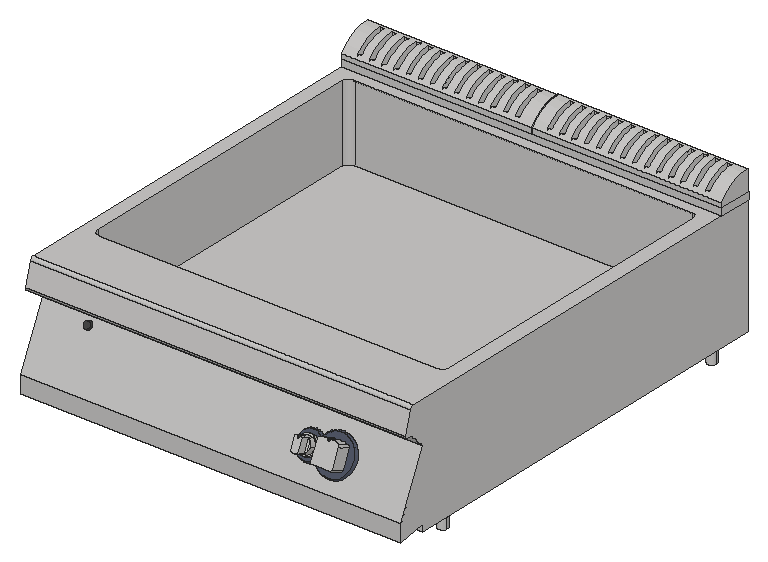
Revit family "QF_ZANUSSI_392110_Z9BMGHB000", category Specialty Equipment, Revit 2018
Family settings
  Round Connector Dimension = Use Diameter
  Part Type = Normal
  Work Plane-Based = No
  Always vertical = Yes
  Cut with Voids When Loaded = No
  Shared = No
  Room Calculation Point = No
Parameters
  Width = 800 mm  # constant formula
  Weight in Pounds = 45  # constant formula
  Weight = 0.00 kg
  Watts = 0 W
  Waste Water Discharge Temperature [instance] = -459.67 °F
  Volts = 0 V
  URL Manufacturer = "http://www.zanussiprofessional.com"
  URL Cutsheet = "www.electrolux.com"
  URL = "http://www.zanussiprofessional.com"
  Type Mark [instance] = ""
  Steam Supply Size = 0"
  Steam Supply Minimum Pressure = 0.00 psi
  Steam Supply Maximum Pressure = 0.00 psi
  Steam Pounds per Hour = 0
  Status [instance] = ""
  Specification by User [instance] = ""
  Specification by Manufacturer = ""
  Show Logo [instance] = yes
  Show Clearance [instance] = yes
  Serial Number = ""
  Seismic Rating = ""
  SMACNA No = ""
  Revision Code [instance] = ""
  Refrigeration Suction Line Size = 0"
  Refrigeration Liquid Line Size = 0"
  Refrigerant Compressor Remote = yes
  Plumbing Remarks [instance] = ""
  Plumbing Connection Type [instance] = ""
  Phase = 0
  Omniclass Number and Title = ""
  NAFEM Spec ID Number = ""
  Model = "Z9BMGHB000"
  Mechanical Remarks [instance] = ""
  Mechanical Connection Type [instance] = ""
  Masterspec = ""
  Manufacturer = "Zanussi"
  Length Actual = 800 mm  # constant formula
  Item Number [instance] = "392110"
  Installed By [instance] = ""
  Indirect Waste Size = 1 31/32"  # constant formula
  Indirect Waste Flow [instance] = 0 GPM
  Indirect Waste Connection Type [instance] = ""
  Indirect Waste Connection Height [instance] = 0 mm
  Identify Quantity as Lot [instance] = yes
  Hot Water Size = 0"
  Height Actual = 250 mm  # constant formula
  Height [instance] = 250 mm  # constant formula
  HP = "0 HP"
  Gas Size = 193/256"  # constant formula
  Gas RI Height [instance] = 0 mm
  Gas KW [instance] = 6.2  # constant formula
  Gas Input [instance] = 21135.8 Btu/h  # constant formula
  Gas Connection Height = 0 mm
  Furnished By [instance] = ""
  Foodservice Equipment Identifier [instance] = yes
  Direct Waste Size = 3/4"
  Description = "GAS BAIN-MARIE TOP 800 MM"
  Depth Actual = 900 mm  # constant formula
  Depth = 915 mm  # constant formula
  Cycle = 0 Hz
  Condensate Return Size = 0"
  Compressed Air Volume = 0 GPM
  Compressed Air Size = 0"
  Compressed Air Pressure = 0.00 psi
  Cold Water Size = 0"
  CSI MasterFormat = ""
  CSI Master Format = ""
  Accessory = yes
Reference planes
  plane 1 "BACK": y = 0
  plane 2: z = 0
  plane 3 "LEFT": x = 0
  plane 4 "RIGHT": x = 800
  plane 5 "FRONT": y = -915
  plane 6 "TOP": z = 274
  plane 7 "Center Y": x = 400
  plane 8 "Center X": y = -457.5
  plane 9: z = 24
  plane 10: x = 748
  plane 11: z = 332
  plane 12: x = 11
  plane 13: x = 789
  plane 14: y = -92.539
  plane 15: y = -777.539
  plane 16: x = 675
Forms (mm)
  Extrusion 1, solid, material "QF_Finishes_Stainless Steel"
    sketch origin (0, 0, 0) x (0, 1, 0) y (0, 0, 1)
      loop
        line (0, 24) -> (0, 274) -> (-879.358, 274)
        arc (-879.358, 274) -> (-884.643, 271.811) -> (-886.833, 266.526) r 7.474
        line (-886.833, 266.526) -> (-899.884, 221.011)
        arc (-899.884, 221.011) -> (-899.396, 218.379) -> (-897, 217.184) r 3
        line (-897, 217.184) -> (-886.802, 217.184) -> (-854.982, 185.364) -> (-915, 64.508) -> (-915, 29.508) -> (-858.645, 37.428)
        arc (-858.645, 37.428) -> (-856.101, 36.674) -> (-855, 34.259) r 3.2
        line (-855, 34.259) -> (-855, 24) -> (0, 24)
    from 0 to 800
  Extrusion 2, solid, material "QF_Finishes_Stainless Steel"
    sketch origin (0, 0, 0) x (1, 0, 0) y (0, 1, 0)
      loop
        circle (11, -82) r 9.525
      loop
        circle (11, -790) r 9.525
      loop
        circle (789, -82) r 9.525
      loop
        circle (789, -790) r 9.525
    from 0 to 24
  Extrusion 3, solid, material "QF_Finishes_Stainless Steel"
    sketch origin (0, 0, 274) x (0, -1, 0) y (1, 0, 0)
      loop
        line (69.85, 0) -> (69.85, 800) -> (0, 800) -> (0, 0) -> (69.85, 0)
    from 0 to 15
  Extrusion 4, void
    sketch origin (0, 0, 274) x (0, -1, 0) y (1, 0, 0)
      loop
        arc (92.539, 45) -> (96.932, 34.393) -> (107.539, 30) r 15
        line (107.539, 30) -> (747.539, 30)
        arc (747.539, 30) -> (758.145, 34.393) -> (762.539, 45) r 15
        line (762.539, 45) -> (762.539, 755)
        arc (762.539, 755) -> (758.145, 765.607) -> (747.539, 770) r 15
        line (747.539, 770) -> (107.539, 770)
        arc (107.539, 770) -> (96.932, 765.607) -> (92.539, 755) r 15
        line (92.539, 755) -> (92.539, 45)
    from 0 to -160
  Extrusion 5, solid, material "QF_Finishes_Stainless Steel"
    sketch origin (0, -39, 24) x (-1, 0, 0) y (0, 1, 0)
      loop
        circle (-748, -625) r 9.525
    from 0 to 20
  Extrusion 6, solid, material "QF_Clearances", visible <- "Show Clearance", detail levels coarse
    sketch origin (0, 0, 0) x (1, 0, 0) y (0, 1, 0)
      loop
        line (0, 0) -> (800, 0) -> (800, -915) -> (950, -915) -> (950, 150) -> (-150, 150) -> (-150, -915) -> (0, -915) -> (0, 0)
    from 0 to 332
  Extrusion 7, solid, material "QF_Finishes_Stainless Steel"
    sketch origin (-10.353, 86.363, 24) x (-1, 0, 0) y (0, 1, 0)
      loop
        circle (-685.353, -224.363) r 25
    from 0 to 20
  Extrusion 8, solid, material "QF_Finishes_Stainless Steel"
    sketch origin (0, 0, 0.362) x (0, 1, 0) y (0, 0, 1)
      loop
        line (0, 288.637) -> (0, 330.737)
        arc (0, 330.737) -> (-38.857, 323.552) -> (-69.85, 299.038) r 82.056
        line (-69.85, 299.038) -> (-69.85, 288.637) -> (0, 288.637)
    from 0 to 400
  Extrusion 9, void
    sketch origin (0, 0, 275) x (0, -1, 0) y (1, 0, 0)
      loop
        line (6.761, 29.703) -> (63.911, 29.703) -> (63.911, 38.999) -> (6.761, 38.999) -> (6.761, 29.703)
      loop
        line (63.911, 64.487) -> (6.761, 64.487) -> (6.761, 55.191) -> (63.911, 55.191) -> (63.911, 64.487)
      loop
        line (63.911, 89.975) -> (6.761, 89.975) -> (6.761, 80.68) -> (63.911, 80.68) -> (63.911, 89.975)
      loop
        line (63.911, 115.464) -> (6.761, 115.464) -> (6.761, 106.168) -> (63.911, 106.168) -> (63.911, 115.464)
      loop
        line (63.911, 140.952) -> (6.761, 140.952) -> (6.761, 131.656) -> (63.911, 131.656) -> (63.911, 140.952)
      loop
        line (63.911, 166.44) -> (6.761, 166.44) -> (6.761, 157.145) -> (63.911, 157.145) -> (63.911, 166.44)
      loop
        line (63.911, 191.929) -> (6.761, 191.929) -> (6.761, 182.633) -> (63.911, 182.633) -> (63.911, 191.929)
      loop
        line (63.911, 217.417) -> (6.761, 217.417) -> (6.761, 208.121) -> (63.911, 208.121) -> (63.911, 217.417)
      loop
        line (63.911, 242.905) -> (6.761, 242.905) -> (6.761, 233.61) -> (63.911, 233.61) -> (63.911, 242.905)
      loop
        line (63.911, 268.394) -> (6.761, 268.394) -> (6.761, 259.098) -> (63.911, 259.098) -> (63.911, 268.394)
      loop
        line (63.911, 293.882) -> (6.761, 293.882) -> (6.761, 284.586) -> (63.911, 284.586) -> (63.911, 293.882)
      loop
        line (63.911, 319.37) -> (6.761, 319.37) -> (6.761, 310.075) -> (63.911, 310.075) -> (63.911, 319.37)
      loop
        line (63.911, 344.859) -> (6.761, 344.859) -> (6.761, 335.563) -> (63.911, 335.563) -> (63.911, 344.859)
      loop
        line (63.911, 370.347) -> (6.761, 370.347) -> (6.761, 361.051) -> (63.911, 361.051) -> (63.911, 370.347)
    from 25.4 to 63.5
  Extrusion 10, solid, material "QF_Finishes_Black"
    sketch origin (0, -914.145, 66.23) x (0, 0.444781, 0.895639) y (-1, 0, 0)
      loop
        circle (116.648, -101.317) r 7.5
    from 0 to 4
  Extrusion 11, solid, material "QF_Finishes_Stainless Steel"
    sketch origin (800, 0, 0.362) x (0, 1, 0) y (0, 0, -1)
      loop
        line (0, -288.637) -> (-69.85, -288.637) -> (-69.85, -299.038)
        arc (-69.85, -299.038) -> (-39.094, -324.292) -> (0, -331.737) r 80.539
        line (0, -331.737) -> (0, -288.637)
    from 0 to 400
  Extrusion 12, void
    sketch origin (800, 0, 275) x (0, -1, 0) y (1, 0, 0)
      loop
        line (6.761, -29.703) -> (6.761, -38.999) -> (63.911, -38.999) -> (63.911, -29.703) -> (6.761, -29.703)
      loop
        line (63.911, -64.487) -> (63.911, -55.191) -> (6.761, -55.191) -> (6.761, -64.487) -> (63.911, -64.487)
      loop
        line (63.911, -89.975) -> (63.911, -80.68) -> (6.761, -80.68) -> (6.761, -89.975) -> (63.911, -89.975)
      loop
        line (63.911, -115.464) -> (63.911, -106.168) -> (6.761, -106.168) -> (6.761, -115.464) -> (63.911, -115.464)
      loop
        line (63.911, -140.952) -> (63.911, -131.656) -> (6.761, -131.656) -> (6.761, -140.952) -> (63.911, -140.952)
      loop
        line (63.911, -166.44) -> (63.911, -157.145) -> (6.761, -157.145) -> (6.761, -166.44) -> (63.911, -166.44)
      loop
        line (63.911, -191.929) -> (63.911, -182.633) -> (6.761, -182.633) -> (6.761, -191.929) -> (63.911, -191.929)
      loop
        line (63.911, -217.417) -> (63.911, -208.121) -> (6.761, -208.121) -> (6.761, -217.417) -> (63.911, -217.417)
      loop
        line (63.911, -242.905) -> (63.911, -233.61) -> (6.761, -233.61) -> (6.761, -242.905) -> (63.911, -242.905)
      loop
        line (63.911, -268.394) -> (63.911, -259.098) -> (6.761, -259.098) -> (6.761, -268.394) -> (63.911, -268.394)
      loop
        line (63.911, -293.882) -> (63.911, -284.586) -> (6.761, -284.586) -> (6.761, -293.882) -> (63.911, -293.882)
      loop
        line (63.911, -319.37) -> (63.911, -310.075) -> (6.761, -310.075) -> (6.761, -319.37) -> (63.911, -319.37)
      loop
        line (63.911, -344.859) -> (63.911, -335.563) -> (6.761, -335.563) -> (6.761, -344.859) -> (63.911, -344.859)
      loop
        line (63.911, -370.347) -> (63.911, -361.051) -> (6.761, -361.051) -> (6.761, -370.347) -> (63.911, -370.347)
    from 25.4 to 63.5
  Blend 13, solid, material "QF_Finishes_Navy Blue"
    base sketch origin (641.502, -884.991, 124.936) x (1, 0, 0) y (0, 0.444781, 0.895639)
      loop
        arc (-35.05, -24.037) -> (42.5, 0) -> (-35.05, 24.037) r 42.5
        arc (-35.05, 24.037) -> (-83, 0) -> (-35.05, -24.037) r 30
    top sketch origin (641.502, -884.991, 124.936) x (1, 0, 0) y (0, 0.444781, 0.895639)
      loop
        arc (-34.578, -21.086) -> (40.5, 0) -> (-34.578, 21.086) r 40.5
        arc (-34.578, 21.086) -> (-81, 0) -> (-34.578, -21.086) r 28
    from 0 to 5
  Extrusion 14, solid, material "QF_Finishes_Stainless Steel"
    sketch origin (409.002, -884.991, 124.936) x (1, 0, 0) y (0, 0.444781, 0.895639)
      loop
        circle (177.499, -0.341) r 20
    from 5 to 10
  Extrusion 15, solid, material "QF_Finishes_Stainless Steel"
    sketch origin (409.002, -884.991, 124.936) x (1, 0, 0) y (0, 0.444781, 0.895639)
      loop
        arc (211.353, 22.789) -> (210.006, 21.685) -> (209.5, 20.019) r 2.997
        line (209.5, 20.019) -> (209.5, -20.019)
        arc (209.5, -20.019) -> (210.378, -22.138) -> (212.497, -23.016) r 2.997
        line (212.497, -23.016) -> (252.503, -23.016)
        arc (252.503, -23.016) -> (254.622, -22.138) -> (255.5, -20.019) r 2.997
        line (255.5, -20.019) -> (255.5, 20.019)
        arc (255.5, 20.019) -> (254.994, 21.685) -> (253.647, 22.789) r 2.997
        arc (253.647, 22.789) -> (232.5, 26.984) -> (211.353, 22.789) r 55.4
    from 5 to 34
  Extrusion 16, solid, material "QF_Finishes_Stainless Steel"
    sketch origin (409.002, -884.991, 124.936) x (1, 0, 0) y (0, 0.444781, 0.895639)
      loop
        circle (177.499, -0.341) r 16
    from 10 to 40
  Extrusion 17, void
    sketch origin (641.502, -884.991, 124.936) x (1, 0, 0) y (0, -0.895639, 0.444781)
      loop
        line (-62.999, 24.837) -> (-62.999, 40) -> (-71.893, 40) -> (-71.893, 22) -> (-65.835, 22)
        arc (-65.835, 22) -> (-63.827, 22.828) -> (-62.999, 24.837) r 2.827
      loop
        arc (-47.003, 24.837) -> (-46.175, 22.828) -> (-44.167, 22) r 2.827
        line (-44.167, 22) -> (-38.109, 22) -> (-38.109, 40) -> (-47.003, 40) -> (-47.003, 24.837)
    from -20.019 to 20.019
  Extrusion 18, solid, material "QF_Plastic-Black-Matte"
    sketch origin (699.002, -884.991, 124.936) x (0, 0.444781, 0.895639) y (0, -0.895639, 0.444781)
      loop
        line (26.984, 34) -> (26.984, 19) -> (27.984, 19) -> (27.984, 34)
        arc (27.984, 34) -> (27.691, 34.707) -> (26.984, 35) r 1
        line (26.984, 35) -> (23.984, 35) -> (23.984, 34) -> (26.984, 34)
    from -58.5 to -56.5
  Extrusion 19, solid, material "QF_Plastic-Black-Matte"
    sketch origin (586.501, -1018.425, -143.756) x (0, -0.444781, -0.895639) y (0, -0.895639, 0.444781)
      loop
        line (-310.284, 39.984) -> (-310.284, 40.984) -> (-312.9, 40.984)
        arc (-312.9, 40.984) -> (-315.562, 39.882) -> (-316.664, 37.22) r 3.764
        line (-316.664, 37.22) -> (-316.664, 25.027) -> (-315.664, 25.027) -> (-315.664, 37.22)
        arc (-315.664, 37.22) -> (-314.855, 39.175) -> (-312.9, 39.984) r 2.764
        line (-312.9, 39.984) -> (-310.284, 39.984)
    from 1 to -1
Cuts and joins
  Extrusion 4, Extrusion 9 cuts Extrusion 1
  Extrusion 9, Extrusion 12 cuts Extrusion 8
  Extrusion 12 cuts Extrusion 11
  Extrusion 17 cuts Extrusion 16
Lines and regions (mm)
  Split face 1
    outline origin (641.502, -889.469, 127.16) x (1, 0, 0) y (0, 0.444781, 0.895639)
      loop
        circle (0, 33) r 1
  Split face 2
    outline origin (641.502, -889.469, 127.16) x (1, 0, 0) y (0, 0.444781, 0.895639)
      loop
        circle (-8.541, 31.876) r 1
  Split face 3
    outline origin (641.502, -889.469, 127.16) x (1, 0, 0) y (0, 0.444781, 0.895639)
      loop
        circle (-16.5, 28.579) r 1
  Split face 4
    outline origin (641.502, -889.469, 127.16) x (1, 0, 0) y (0, 0.444781, 0.895639)
      loop
        circle (-23.335, 23.335) r 1
  Split face 5
    outline origin (641.502, -889.469, 127.16) x (1, 0, 0) y (0, 0.444781, 0.895639)
      loop
        circle (-28.579, 16.5) r 1
  Split face 6
    outline origin (641.502, -889.469, 127.16) x (1, 0, 0) y (0, 0.444781, 0.895639)
      loop
        circle (-31.876, 8.541) r 1
  Split face 7
    outline origin (641.502, -889.469, 127.16) x (1, 0, 0) y (0, 0.444781, 0.895639)
      loop
        circle (-33, 0) r 1
  Split face 8
    outline origin (641.502, -889.469, 127.16) x (-1, 0, 0) y (0, 0.444781, 0.895639)
      loop
        circle (-8.541, 31.876) r 1
  Split face 9
    outline origin (641.502, -889.469, 127.16) x (-1, 0, 0) y (0, 0.444781, 0.895639)
      loop
        circle (-16.5, 28.579) r 1
  Split face 10
    outline origin (641.502, -889.469, 127.16) x (-1, 0, 0) y (0, 0.444781, 0.895639)
      loop
        circle (-23.335, 23.335) r 1
  Split face 11
    outline origin (641.502, -889.469, 127.16) x (-1, 0, 0) y (0, 0.444781, 0.895639)
      loop
        circle (-28.579, 16.5) r 1
  Split face 12
    outline origin (641.502, -889.469, 127.16) x (-1, 0, 0) y (0, 0.444781, 0.895639)
      loop
        circle (-31.876, 8.541) r 1
  Split face 13
    outline origin (641.502, -889.469, 127.16) x (1, 0, 0) y (0, -0.444781, -0.895639)
      loop
        circle (0, 33) r 1
  Split face 14
    outline origin (641.502, -889.469, 127.16) x (1, 0, 0) y (0, -0.444781, -0.895639)
      loop
        circle (-8.541, 31.876) r 1
  Split face 15
    outline origin (641.502, -889.469, 127.16) x (1, 0, 0) y (0, -0.444781, -0.895639)
      loop
        circle (-16.5, 28.579) r 1
  Split face 16
    outline origin (641.502, -889.469, 127.16) x (1, 0, 0) y (0, -0.444781, -0.895639)
      loop
        circle (-23.335, 23.335) r 1
  Split face 17
    outline origin (641.502, -889.469, 127.16) x (1, 0, 0) y (0, -0.444781, -0.895639)
      loop
        circle (-28.579, 16.5) r 1
  Split face 18
    outline origin (641.502, -889.469, 127.16) x (1, 0, 0) y (0, -0.444781, -0.895639)
      loop
        circle (-31.876, 8.541) r 1
  Split face 19
    outline origin (641.502, -889.469, 127.16) x (-1, 0, 0) y (0, -0.444781, -0.895639)
      loop
        circle (-8.541, 31.876) r 1
  Split face 20
    outline origin (641.502, -889.469, 127.16) x (-1, 0, 0) y (0, -0.444781, -0.895639)
      loop
        circle (-16.5, 28.579) r 1
  Split face 21
    outline origin (641.502, -889.469, 127.16) x (-1, 0, 0) y (0, -0.444781, -0.895639)
      loop
        circle (-23.335, 23.335) r 1
  Split face 22
    outline origin (641.502, -889.469, 127.16) x (-1, 0, 0) y (0, -0.444781, -0.895639)
      loop
        circle (-28.579, 16.5) r 1
  Split face 23
    outline origin (641.502, -889.469, 127.16) x (-1, 0, 0) y (0, -0.444781, -0.895639)
      loop
        circle (-31.876, 8.541) r 1
  Split face 24
    outline origin (641.502, -889.469, 127.16) x (1, 0, 0) y (0, 0.444781, 0.895639)
      loop
        circle (33, 0) r 1
  Split face 25
    outline origin (641.502, -889.469, 127.16) x (1, 0, 0) y (0, 0.444781, 0.895639)
      loop
        circle (-55.001, 22) r 1.508
  Split face 26
    outline origin (642.628, -885.216, 135.725) x (1, 0, 0) y (0, 0.444781, 0.895639)
      loop
        circle (-77.001, 0) r 1.343
  Split face 27
    outline origin (641.502, -889.469, 127.16) x (1, 0, 0) y (0, 0.444781, 0.895639)
      loop
        line (-56.273, -20.786) -> (-56.273, -25.164) -> (-53.729, -25.164) -> (-53.729, -20.786) -> (-56.273, -20.786)
  Split face 28
    outline origin (641.502, -889.469, 127.16) x (1, 0, 0) y (0, 0.444781, 0.895639)
      loop
        line (-70.261, 16.732) -> (-67.433, 19.559) -> (-71.077, 17.548) -> (-70.261, 16.732)
  symbolic lines, style "QF_Clearances", visible <- "Show Clearance", detail levels coarse
    curve 1: line (950, -915, 0) -> (950, 150, 0)
    curve 2: line (950, 150, 0) -> (-150, 150, 0)
    curve 3: line (-150, 150, 0) -> (-150, -915, 0)
  symbolic lines
    curve 4: line (800, -915, 0) -> (800, 0, 0)
    curve 5: line (800, 0, 0) -> (0, 0, 0)
    curve 6: line (0, 0, 0) -> (0, -915, 0)
    curve 7: line (38.999, -6.761, 0) -> (38.999, -63.911, 0)
    curve 8: line (38.999, -63.911, 0) -> (29.703, -63.911, 0)
    curve 9: line (29.703, -63.911, 0) -> (29.703, -6.761, 0)
    curve 10: line (29.703, -6.761, 0) -> (38.999, -6.761, 0)
    curve 11: line (55.191, -63.911, 0) -> (55.191, -6.761, 0)
    curve 12: line (55.191, -6.761, 0) -> (64.487, -6.761, 0)
    curve 13: line (64.487, -6.761, 0) -> (64.487, -63.911, 0)
    curve 14: line (64.487, -63.911, 0) -> (55.191, -63.911, 0)
    curve 15: line (89.975, -6.761, 0) -> (89.975, -63.911, 0)
    curve 16: line (89.975, -63.911, 0) -> (80.68, -63.911, 0)
    curve 17: line (80.68, -63.911, 0) -> (80.68, -6.761, 0)
    curve 18: line (80.68, -6.761, 0) -> (89.975, -6.761, 0)
    curve 19: line (115.464, -6.761, 0) -> (115.464, -63.911, 0)
    curve 20: line (115.464, -63.911, 0) -> (106.168, -63.911, 0)
    curve 21: line (106.168, -63.911, 0) -> (106.168, -6.761, 0)
    curve 22: line (106.168, -6.761, 0) -> (115.464, -6.761, 0)
    curve 23: line (140.952, -6.761, 0) -> (140.952, -63.911, 0)
    curve 24: line (140.952, -63.911, 0) -> (131.656, -63.911, 0)
    curve 25: line (131.656, -63.911, 0) -> (131.656, -6.761, 0)
    curve 26: line (131.656, -6.761, 0) -> (140.952, -6.761, 0)
    curve 27: line (166.44, -6.761, 0) -> (166.44, -63.911, 0)
    curve 28: line (166.44, -63.911, 0) -> (157.145, -63.911, 0)
    curve 29: line (157.145, -63.911, 0) -> (157.145, -6.761, 0)
    curve 30: line (157.145, -6.761, 0) -> (166.44, -6.761, 0)
    curve 31: line (30, -107.539, 0) -> (30, -762.539, 0)
    curve 32: arc (30, -762.539, 0) -> (34.393, -773.145, 0) -> (45, -777.539, 0) r 15
    curve 33: line (45, -777.539, 0) -> (755, -777.539, 0)
    curve 34: arc (755, -777.539, 0) -> (765.607, -773.145, 0) -> (770, -762.539, 0) r 15
    curve 35: line (770, -762.539, 0) -> (770, -107.539, 0)
    curve 36: arc (770, -107.539, 0) -> (765.607, -96.932, 0) -> (755, -92.539, 0) r 15
    curve 37: line (755, -92.539, 0) -> (45, -92.539, 0)
    curve 38: arc (45, -92.539, 0) -> (34.393, -96.932, 0) -> (30, -107.539, 0) r 15
    curve 39: line (0, -69.85, 0) -> (800, -69.85, 0)
    curve 40: line (182.633, -63.911, 0) -> (182.633, -6.761, 0)
    curve 41: line (182.633, -6.761, 0) -> (191.929, -6.761, 0)
    curve 42: line (191.929, -6.761, 0) -> (191.929, -63.911, 0)
    curve 43: line (191.929, -63.911, 0) -> (182.633, -63.911, 0)
    curve 44: line (284.536, -6.761, 0) -> (284.536, -63.911, 0)
    curve 45: line (284.536, -63.911, 0) -> (293.832, -63.911, 0)
    curve 46: line (293.832, -63.911, 0) -> (293.832, -6.761, 0)
    curve 47: line (293.832, -6.761, 0) -> (284.536, -6.761, 0)
    curve 48: line (259.048, -6.761, 0) -> (259.048, -63.911, 0)
    curve 49: line (259.048, -63.911, 0) -> (268.344, -63.911, 0)
    curve 50: line (268.344, -63.911, 0) -> (268.344, -6.761, 0)
    curve 51: line (268.344, -6.761, 0) -> (259.048, -6.761, 0)
    curve 52: line (233.56, -6.761, 0) -> (233.56, -63.911, 0)
    curve 53: line (233.56, -63.911, 0) -> (242.855, -63.911, 0)
    curve 54: line (242.855, -63.911, 0) -> (242.855, -6.761, 0)
    curve 55: line (242.855, -6.761, 0) -> (233.56, -6.761, 0)
    curve 56: line (208.071, -6.761, 0) -> (208.071, -63.911, 0)
    curve 57: line (208.071, -63.911, 0) -> (217.367, -63.911, 0)
    curve 58: line (217.367, -63.911, 0) -> (217.367, -6.761, 0)
    curve 59: line (217.367, -6.761, 0) -> (208.071, -6.761, 0)
    curve 60: line (310.075, -6.761, 0) -> (310.075, -63.911, 0)
    curve 61: line (310.075, -63.911, 0) -> (319.37, -63.911, 0)
    curve 62: line (319.37, -63.911, 0) -> (319.37, -6.761, 0)
    curve 63: line (319.37, -6.761, 0) -> (310.075, -6.761, 0)
    curve 64: line (335.563, -6.761, 0) -> (335.563, -63.911, 0)
    curve 65: line (335.563, -63.911, 0) -> (344.859, -63.911, 0)
    curve 66: line (344.859, -63.911, 0) -> (344.859, -6.761, 0)
    curve 67: line (344.859, -6.761, 0) -> (335.563, -6.761, 0)
    curve 68: line (361.051, -6.761, 0) -> (361.051, -63.911, 0)
    curve 69: line (361.051, -63.911, 0) -> (370.347, -63.911, 0)
    curve 70: line (370.347, -63.911, 0) -> (370.347, -6.761, 0)
    curve 71: line (370.347, -6.761, 0) -> (361.051, -6.761, 0)
    curve 72: line (761.001, -6.761, 0) -> (761.001, -63.911, 0)
    curve 73: line (761.001, -63.911, 0) -> (770.297, -63.911, 0)
    curve 74: line (770.297, -63.911, 0) -> (770.297, -6.761, 0)
    curve 75: line (770.297, -6.761, 0) -> (761.001, -6.761, 0)
    curve 76: line (744.809, -63.911, 0) -> (744.809, -6.761, 0)
    curve 77: line (744.809, -6.761, 0) -> (735.513, -6.761, 0)
    curve 78: line (735.513, -6.761, 0) -> (735.513, -63.911, 0)
    curve 79: line (735.513, -63.911, 0) -> (744.809, -63.911, 0)
    curve 80: line (710.025, -6.761, 0) -> (710.025, -63.911, 0)
    curve 81: line (710.025, -63.911, 0) -> (719.32, -63.911, 0)
    curve 82: line (719.32, -63.911, 0) -> (719.32, -6.761, 0)
    curve 83: line (719.32, -6.761, 0) -> (710.025, -6.761, 0)
    curve 84: line (684.536, -6.761, 0) -> (684.536, -63.911, 0)
    curve 85: line (684.536, -63.911, 0) -> (693.832, -63.911, 0)
    curve 86: line (693.832, -63.911, 0) -> (693.832, -6.761, 0)
    curve 87: line (693.832, -6.761, 0) -> (684.536, -6.761, 0)
    curve 88: line (659.048, -6.761, 0) -> (659.048, -63.911, 0)
    curve 89: line (659.048, -63.911, 0) -> (668.344, -63.911, 0)
    curve 90: line (668.344, -63.911, 0) -> (668.344, -6.761, 0)
    curve 91: line (668.344, -6.761, 0) -> (659.048, -6.761, 0)
    curve 92: line (633.56, -6.761, 0) -> (633.56, -63.911, 0)
    curve 93: line (633.56, -63.911, 0) -> (642.855, -63.911, 0)
    curve 94: line (642.855, -63.911, 0) -> (642.855, -6.761, 0)
    curve 95: line (642.855, -6.761, 0) -> (633.56, -6.761, 0)
    curve 96: line (617.367, -63.911, 0) -> (617.367, -6.761, 0)
    curve 97: line (617.367, -6.761, 0) -> (608.071, -6.761, 0)
    curve 98: line (608.071, -6.761, 0) -> (608.071, -63.911, 0)
    curve 99: line (608.071, -63.911, 0) -> (617.367, -63.911, 0)
    curve 100: line (515.464, -6.761, 0) -> (515.464, -63.911, 0)
    curve 101: line (515.464, -63.911, 0) -> (506.168, -63.911, 0)
    curve 102: line (506.168, -63.911, 0) -> (506.168, -6.761, 0)
    curve 103: line (506.168, -6.761, 0) -> (515.464, -6.761, 0)
    curve 104: line (540.952, -6.761, 0) -> (540.952, -63.911, 0)
    curve 105: line (540.952, -63.911, 0) -> (531.656, -63.911, 0)
    curve 106: line (531.656, -63.911, 0) -> (531.656, -6.761, 0)
    curve 107: line (531.656, -6.761, 0) -> (540.952, -6.761, 0)
    curve 108: line (566.44, -6.761, 0) -> (566.44, -63.911, 0)
    curve 109: line (566.44, -63.911, 0) -> (557.145, -63.911, 0)
    curve 110: line (557.145, -63.911, 0) -> (557.145, -6.761, 0)
    curve 111: line (557.145, -6.761, 0) -> (566.44, -6.761, 0)
    curve 112: line (591.929, -6.761, 0) -> (591.929, -63.911, 0)
    curve 113: line (591.929, -63.911, 0) -> (582.633, -63.911, 0)
    curve 114: line (582.633, -63.911, 0) -> (582.633, -6.761, 0)
    curve 115: line (582.633, -6.761, 0) -> (591.929, -6.761, 0)
    curve 116: line (489.925, -6.761, 0) -> (489.925, -63.911, 0)
    curve 117: line (489.925, -63.911, 0) -> (480.63, -63.911, 0)
    curve 118: line (480.63, -63.911, 0) -> (480.63, -6.761, 0)
    curve 119: line (480.63, -6.761, 0) -> (489.925, -6.761, 0)
    curve 120: line (464.437, -6.761, 0) -> (464.437, -63.911, 0)
    curve 121: line (464.437, -63.911, 0) -> (455.141, -63.911, 0)
    curve 122: line (455.141, -63.911, 0) -> (455.141, -6.761, 0)
    curve 123: line (455.141, -6.761, 0) -> (464.437, -6.761, 0)
    curve 124: line (438.949, -6.761, 0) -> (438.949, -63.911, 0)
    curve 125: line (438.949, -63.911, 0) -> (429.653, -63.911, 0)
    curve 126: line (429.653, -63.911, 0) -> (429.653, -6.761, 0)
    curve 127: line (429.653, -6.761, 0) -> (438.949, -6.761, 0)
    curve 128: line (400, -69.85, 0) -> (400, 0, 0)
    curve 129: line (618.502, -900, 0) -> (618.502, -924.347, 0)
    curve 130: arc (618.502, -924.347, 0) -> (618.649, -924.811, 0) -> (619.034, -925.107, 0) r 0.809
    curve 131: arc (619.034, -925.107, 0) -> (620.222, -925.587, 0) -> (621.5, -925.68, 0) r 4.127
    curve 132: arc (618.502, -904.292, 0) -> (613.461, -902.458, 0) -> (608.693, -900, 0) r 42.24
    curve 133: arc (618.502, -906.539, 0) -> (619.005, -905.818, 0) -> (619.802, -905.448, 0) r 1.682
    curve 134: arc (619.802, -905.448, 0) -> (630.104, -903.95, 0) -> (640.502, -903.441, 0) r 109.079
    curve 135: line (640.502, -900, 0) -> (640.502, -905.671, 0)
    curve 136: line (640.502, -905.671, 0) -> (642.502, -905.671, 0)
    curve 137: line (642.502, -905.671, 0) -> (642.502, -900, 0)
    curve 138: line (664.502, -900, 0) -> (664.502, -924.347, 0)
    curve 139: arc (664.502, -924.347, 0) -> (664.356, -924.811, 0) -> (663.97, -925.107, 0) r 0.809
    curve 140: arc (663.97, -925.107, 0) -> (662.783, -925.587, 0) -> (661.505, -925.68, 0) r 4.127
    curve 141: arc (664.502, -904.292, 0) -> (669.544, -902.458, 0) -> (674.312, -900, 0) r 42.24
    curve 142: arc (664.502, -906.539, 0) -> (664, -905.818, 0) -> (663.203, -905.448, 0) r 1.682
    curve 143: arc (663.203, -905.448, 0) -> (652.901, -903.95, 0) -> (642.502, -903.441, 0) r 109.079
    curve 144: line (621.5, -925.68, 0) -> (661.505, -925.68, 0)
    curve 145: line (578.504, -925.977, 908.9) -> (578.504, -901.224, 908.9)
    curve 146: line (594.499, -901.224, 908.9) -> (594.499, -925.977, 908.9)
    curve 147: spline (575.868, -910.164, 908.9) -> (574.379, -909.491, 908.9) -> (573.103, -908.737, 908.9) -> (572.063, -907.914, 908.9) -> (571.278, -907.037, 908.9) -> (570.76, -906.121, 908.9) -> (570.519, -905.183, 908.9) -> (570.56, -904.239, 908.9) -> (570.881, -903.306, 908.9) -> (571.476, -902.4, 908.9) -> (572.337, -901.537, 908.9) -> (573.446, -900.732, 908.9) -> (574.785, -900, 908.9)
    curve 148: spline (598.216, -900, 908.9) -> (599.56, -900.735, 908.9) -> (600.672, -901.543, 908.9) -> (601.534, -902.41, 908.9) -> (602.129, -903.319, 908.9) -> (602.448, -904.256, 908.9) -> (602.484, -905.204, 908.9) -> (602.237, -906.145, 908.9) -> (601.711, -907.063, 908.9) -> (600.916, -907.942, 908.9) -> (599.865, -908.766, 908.9) -> (598.578, -909.521, 908.9) -> (597.077, -910.193, 908.9)
    curve 149: spline (597.077, -910.193, 908.9) -> (596.796, -910.322, 908.9) -> (596.515, -910.487, 908.9) -> (596.237, -910.686, 908.9) -> (595.967, -910.917, 908.9) -> (595.709, -911.177, 908.9) -> (595.465, -911.461, 908.9) -> (595.24, -911.765, 908.9) -> (595.037, -912.085, 908.9) -> (594.86, -912.416, 908.9) -> (594.709, -912.754, 908.9) -> (594.588, -913.094, 908.9) -> (594.499, -913.43, 908.9)
    curve 150: spline (578.504, -913.341, 908.9) -> (578.431, -912.987, 908.9) -> (578.324, -912.634, 908.9) -> (578.183, -912.286, 908.9) -> (578.01, -911.949, 908.9) -> (577.808, -911.628, 908.9) -> (577.58, -911.327, 908.9) -> (577.329, -911.051, 908.9) -> (577.059, -910.803, 908.9) -> (576.773, -910.588, 908.9) -> (576.477, -910.408, 908.9) -> (576.173, -910.266, 908.9) -> (575.868, -910.164, 908.9)
    curve 151: line (570.501, -904.847, 908.9) -> (570.501, -900, 908.9)
    curve 152: line (602.504, -904.85, 908.9) -> (602.504, -900, 908.9)
    curve 153: arc (578.504, -925.977, 908.9) -> (586.501, -927.063, 908.9) -> (594.499, -925.977, 908.9) r 30
    curve 154: arc (578.504, -901.224, 0) -> (578.405, -900.567, 0) -> (578.058, -900, 0) r 1.677
    curve 155: arc (594.499, -901.224, 0) -> (594.598, -900.567, 0) -> (594.944, -900, 0) r 1.677
    curve 156: line (594.499, -915.129, 0) -> (618.502, -915.129, 0)
    curve 157: line (664.502, -915, 0) -> (800, -915, 0)
    curve 158: line (578.504, -915, 0) -> (0, -915, 0)
    curve 159: line (800, -900, 0) -> (0, -900, 0)
Dimensions and locks
  equal spacing: plane 3 "LEFT", plane 7 "Center Y", plane 4 "RIGHT"
  "Width": plane 3 "LEFT" to plane 4 "RIGHT"
  equal spacing: plane 5 "FRONT", plane 8 "Center X", plane 1 "BACK"
  "Depth": plane 5 "FRONT" to plane 1 "BACK"
  plane 9 to level = 24 mm  (x2)
  plane 10 to plane 4 "RIGHT" = 52 mm  (x3)
  plane 12 to plane 3 "LEFT" = 11 mm
  locked: plane 13 to plane 4 "RIGHT" at 11
  plane 1 "BACK" to plane 5 "FRONT" = 915 mm
  Extrusion 5 to plane 9 = 20 mm
  plane 1 "BACK" to Extrusion 5 = 664 mm
  plane 1 "BACK" to Extrusion 2 to Extrusion 2 to plane 5 "FRONT" = 82 mm, 708 mm, 125 mm
  plane 12 to plane 13 = 778 mm
  plane 1 "BACK" to curve 2 = 150 mm
  plane 4 "RIGHT" to curve 1 = 150 mm
  curve 3 to plane 3 "LEFT" = 150 mm
  plane 11 to plane 6 "TOP" = 58 mm
  Extrusion 5 sketch curve to plane 1 "BACK" = 664 mm
  Extrusion 5 sketch curve to plane 4 "RIGHT" = 52 mm
  Extrusion 5 to plane 1 "BACK" = 664 mm
  plane 16 to plane 4 "RIGHT" = 125 mm
  "Height": plane 6 "TOP" to plane 9
  plane 11 to level = 332 mm
  plane 6 "TOP" to plane 9 = 250 mm
  Extrusion 7 sketch curve to plane 4 "RIGHT" = 125 mm
  Extrusion 7 sketch curve to plane 1 "BACK" = 138 mm
  Extrusion 7 to plane 1 "BACK" = 138 mm
  plane 1 "BACK" to Extrusion 7 = 138 mm
  aligned and locked: level to plane 2
  aligned and locked: Extrusion 1 to plane 4 "RIGHT"
Automatic sketch dimensions
  Extrusion 2 sketch curve to plane 12 = 0 mm  (x2)
  Extrusion 2 sketch curve to plane 13 = 0 mm  (x2)
  Extrusion 2 sketch curve to plane 15 = 12.461 mm  (x2)
  plane 14 to Extrusion 2 sketch curve = 10.539 mm  (x2)
  Extrusion 4 sketch curve to Extrusion 4 sketch curve = 15 mm  (x4)
  plane 5 "FRONT" to Extrusion 6 sketch curve = 0 mm  (x2)
  Extrusion 6 sketch curve to plane 3 "LEFT" = 0 mm
  Extrusion 6 sketch curve to plane 4 "RIGHT" = 0 mm
  plane 1 "BACK" to Extrusion 6 sketch curve = 0 mm
  Extrusion 6 sketch curve to plane 3 "LEFT" = 150 mm
  Extrusion 6 sketch curve to plane 4 "RIGHT" = 150 mm
  Extrusion 6 sketch curve to plane 1 "BACK" = 150 mm
  Extrusion 8 sketch curve to plane 1 "BACK" = 0 mm
  plane 1 "BACK" to Extrusion 8 sketch curve = 4.947 mm
  plane 14 to Extrusion 8 sketch curve = 22.689 mm
  Extrusion 8 sketch curve to plane 6 "TOP" = 24.807 mm
  plane 6 "TOP" to Extrusion 8 sketch curve = 15 mm
  Extrusion 8 sketch curve to Extrusion 8 sketch curve = 10.4 mm
  plane 1 "BACK" to Extrusion 9 sketch curve = 6.761 mm  (x14)
  plane 14 to Extrusion 9 sketch curve = 28.628 mm
  Extrusion 9 sketch curve to Extrusion 9 sketch curve = 0 mm  (x13)
  plane 12 to Extrusion 9 sketch curve = 18.703 mm
  Extrusion 9 sketch curve to Extrusion 9 sketch curve = 9.296 mm  (x14)
  Extrusion 9 sketch curve to Extrusion 9 sketch curve = 16.193 mm  (x13)
  Extrusion 11 sketch curve to plane 1 "BACK" = 0 mm
  plane 1 "BACK" to Extrusion 11 sketch curve = 4.947 mm
  plane 14 to Extrusion 11 sketch curve = 22.689 mm
  plane 11 to Extrusion 11 sketch curve = 0.1 mm
  plane 6 "TOP" to Extrusion 11 sketch curve = 25.4 mm
  plane 6 "TOP" to Extrusion 11 sketch curve = 15 mm
  plane 1 "BACK" to Extrusion 12 sketch curve = 6.761 mm  (x14)
  plane 14 to Extrusion 12 sketch curve = 28.628 mm
  Extrusion 12 sketch curve to Extrusion 12 sketch curve = 0 mm  (x13)
  plane 7 "Center Y" to Extrusion 12 sketch curve = 29.653 mm
  Extrusion 12 sketch curve to Extrusion 12 sketch curve = 9.296 mm  (x12)
  Extrusion 12 sketch curve to Extrusion 12 sketch curve = 16.193 mm  (x9)
  plane 16 to Extrusion 12 sketch curve = 15.952 mm
  plane 16 to Extrusion 12 sketch curve = 6.656 mm
  Extrusion 12 sketch curve to plane 16 = 9.536 mm
  plane 10 to Extrusion 12 sketch curve = 12.487 mm
  plane 10 to Extrusion 12 sketch curve = 3.191 mm
  Extrusion 12 sketch curve to plane 10 = 13.001 mm
  Extrusion 1 sketch curve to plane 6 "TOP" = 0 mm
  Extrusion 1 sketch curve to plane 9 = 0 mm
  plane 9 to Extrusion 1 sketch curve = 5.508 mm
  plane 5 "FRONT" to Extrusion 1 sketch curve = 0 mm
  Extrusion 1 sketch curve to plane 6 "TOP" = 52.989 mm
  Extrusion 1 sketch curve to Extrusion 1 sketch curve = 15.116 mm
  Extrusion 1 sketch curve to Extrusion 1 sketch curve = 2.884 mm
  Extrusion 1 sketch curve to plane 6 "TOP" = 7.474 mm
  Extrusion 1 sketch curve to Extrusion 1 sketch curve = 13.051 mm
  Extrusion 1 sketch curve to Extrusion 1 sketch curve = 10.198 mm
  plane 9 to Extrusion 1 sketch curve = 13.428 mm
  Extrusion 1 sketch curve to Extrusion 1 sketch curve = 56.355 mm
  Extrusion 1 sketch curve to Extrusion 1 sketch curve = 0.445 mm
  Extrusion 1 sketch curve to Extrusion 1 sketch curve = 3.2 mm
  Extrusion 1 sketch curve to plane 6 "TOP" = 88.636 mm
  Extrusion 1 sketch curve to Extrusion 1 sketch curve = 31.82 mm
  plane 15 to Extrusion 1 sketch curve = 777.539 mm
  Extrusion 1 sketch curve to Extrusion 1 sketch curve = 35 mm
  Extrusion 1 sketch curve to Extrusion 1 sketch curve = 3.827 mm
  plane 1 "BACK" to Extrusion 3 sketch curve = 0 mm
  Extrusion 3 sketch curve to plane 3 "LEFT" = 0 mm
  Extrusion 3 sketch curve to plane 4 "RIGHT" = 0 mm
  plane 14 to Extrusion 3 sketch curve = 22.689 mm
  Extrusion 4 sketch curve to plane 14 = 0 mm
  plane 15 to Extrusion 4 sketch curve = 30 mm
  plane 12 to Extrusion 4 sketch curve = 19 mm
  Extrusion 4 sketch curve to plane 10 = 7 mm
  plane 12 to Extrusion 10 sketch curve = 90.317 mm
  plane 12 to Blend 13 sketch curve = 577.502 mm  (x2)
  Blend 13 sketch curve to Blend 13 sketch curve = 53 mm  (x2)
  Blend 13 sketch curve to Blend 13 sketch curve = 0 mm  (x2)
  Blend 13 sketch curve to Blend 13 sketch curve = 17.95 mm
  Blend 13 sketch curve to Blend 13 sketch curve = 24.037 mm
  Blend 13 sketch curve to Blend 13 sketch curve = 18.422 mm
  Blend 13 sketch curve to Blend 13 sketch curve = 21.086 mm
  plane 12 to Extrusion 14 sketch curve = 575.501 mm
  plane 12 to Extrusion 15 sketch curve = 607.502 mm
  Extrusion 15 sketch curve to Extrusion 15 sketch curve = 2.997 mm  (x3)
  Extrusion 15 sketch curve to Extrusion 15 sketch curve = 20.003 mm  (x2)
  Extrusion 15 sketch curve to Extrusion 15 sketch curve = 40.005 mm
  Extrusion 15 sketch curve to Extrusion 15 sketch curve = 5.399 mm
  Extrusion 15 sketch curve to Extrusion 15 sketch curve = 40.037 mm
  Extrusion 15 sketch curve to Extrusion 15 sketch curve = 0 mm  (x2)
  Split face 27 sketch curve to Split face 27 sketch curve = 2.545 mm
  Split face 27 sketch curve to Split face 27 sketch curve = 4.379 mm
  Split face 28 sketch curve to Split face 28 sketch curve = 0.816 mm  (x2)
  Split face 28 sketch curve to Split face 28 sketch curve = 2.828 mm
  plane 12 to Extrusion 16 sketch curve = 575.501 mm
  plane 12 to Extrusion 17 sketch curve = 558.609 mm
  Extrusion 17 sketch curve to Extrusion 17 sketch curve = 6.058 mm
  Extrusion 17 sketch curve to Extrusion 17 sketch curve = 0.01 mm  (x2)
  Extrusion 17 sketch curve to Extrusion 17 sketch curve = 8.895 mm  (x2)
  Extrusion 17 sketch curve to Extrusion 17 sketch curve = 15.995 mm
  Extrusion 17 sketch curve to Extrusion 17 sketch curve = 2.827 mm  (x3)
  Extrusion 17 sketch curve to Extrusion 17 sketch curve = 0 mm
  Extrusion 17 sketch curve to Extrusion 17 sketch curve = 15.163 mm
  Extrusion 17 sketch curve to Extrusion 17 sketch curve = 15.173 mm
  Extrusion 18 sketch curve to plane 5 "FRONT" = 9.329 mm
  plane 9 to Extrusion 18 sketch curve = 137.984 mm
  Extrusion 18 sketch curve to Extrusion 18 sketch curve = 3 mm
  Extrusion 18 sketch curve to Extrusion 18 sketch curve = 0 mm  (x2)
  Extrusion 18 sketch curve to Extrusion 18 sketch curve = 1 mm
  Extrusion 18 sketch curve to Extrusion 18 sketch curve = 15 mm
  Extrusion 19 sketch curve to Extrusion 19 sketch curve = 0 mm  (x2)
  Extrusion 19 sketch curve to plane 5 "FRONT" = 15.005 mm
  plane 9 to Extrusion 19 sketch curve = 126.993 mm
  Extrusion 19 sketch curve to Extrusion 19 sketch curve = 1 mm
  Extrusion 19 sketch curve to Extrusion 19 sketch curve = 2.764 mm
  Extrusion 19 sketch curve to Extrusion 19 sketch curve = 2.616 mm
  Extrusion 19 sketch curve to Extrusion 19 sketch curve = 12.193 mm
  plane 7 "Center Y" to curve 153 = 186.501 mm
  curve 153 to plane 5 "FRONT" = 17.937 mm
  curve 148 to curve 153 = 0.001 mm
  curve 146 to curve 148 = 7.996 mm
  curve 149 to curve 149 = 2.259 mm
  curve 148 to curve 149 = 0.319 mm
  curve 148 to curve 146 = 3.717 mm
  curve 149 to curve 148 = 1.423 mm
  curve 152 to curve 148 = 4.288 mm
  curve 148 to curve 147 = 0.001 mm
  curve 150 to curve 150 = 0.865 mm
  curve 150 to curve 150 = 2.495 mm
  curve 150 to curve 147 = 0.141 mm
  curve 145 to curve 147 = 3.718 mm
  curve 147 to curve 148 = 4.284 mm
  curve 148 to curve 147 = 0 mm
  curve 153 to curve 148 = 2.937 mm
  curve 153 to curve 147 = 2.937 mm
  curve 148 to curve 152 = 0 mm
  curve 151 to curve 147 = 0 mm
  curve 148 to curve 146 = 1.224 mm
  curve 147 to curve 145 = 1.224 mm
  curve 151 to curve 151 = 4.847 mm
  curve 153 to curve 147 = 7.784 mm
  curve 151 to curve 148 = 0.003 mm
  curve 152 to curve 152 = 4.85 mm
  curve 148 to curve 149 = 0.047 mm
  curve 150 to curve 150 = 2.86 mm
  curve 150 to curve 145 = 10.261 mm
  curve 39 to plane 3 "LEFT" = 0 mm
  curve 37 to plane 14 = 0 mm
  curve 33 to plane 15 = 0 mm
  curve 128 to plane 7 "Center Y" = 0 mm
  plane 5 "FRONT" to curve 157 = 0 mm
  curve 39 to plane 4 "RIGHT" = 0 mm
  plane 5 "FRONT" to curve 3 = 0 mm
  plane 5 "FRONT" to curve 1 = 0 mm
  plane 1 "BACK" to curve 6 = 0 mm
  plane 12 to curve 9 = 18.703 mm
  plane 12 to curve 31 = 19 mm
  curve 8 to curve 8 = 9.296 mm
  curve 38 to curve 38 = 15 mm
  curve 32 to curve 33 = 15 mm
  curve 7 to curve 14 = 16.193 mm
  curve 11 to curve 13 = 9.296 mm
  curve 13 to curve 16 = 16.193 mm
  curve 17 to curve 18 = 9.296 mm
  plane 1 "BACK" to curve 22 = 6.761 mm
  curve 15 to curve 22 = 16.193 mm
  curve 20 to curve 20 = 9.296 mm
  curve 19 to curve 24 = 16.193 mm
  curve 24 to curve 24 = 9.296 mm
  plane 1 "BACK" to curve 30 = 6.761 mm
  curve 23 to curve 30 = 16.193 mm
  curve 28 to curve 27 = 9.296 mm
  curve 27 to curve 40 = 16.193 mm
  curve 40 to curve 42 = 9.296 mm
  plane 1 "BACK" to curve 59 = 6.761 mm
  curve 41 to curve 59 = 16.143 mm
  curve 56 to curve 57 = 9.296 mm
  curve 57 to curve 52 = 16.193 mm
  curve 52 to curve 53 = 9.296 mm
  curve 53 to curve 48 = 16.193 mm
  curve 48 to curve 51 = 9.296 mm
  plane 1 "BACK" to curve 47 = 6.761 mm
  curve 50 to curve 47 = 16.193 mm
  curve 44 to curve 45 = 9.296 mm
  plane 1 "BACK" to curve 63 = 6.761 mm
  curve 46 to curve 63 = 16.243 mm
  curve 60 to curve 63 = 9.296 mm
  curve 61 to curve 64 = 16.193 mm
  curve 64 to curve 66 = 9.296 mm
  plane 1 "BACK" to curve 68 = 6.761 mm
  curve 66 to curve 68 = 16.193 mm
  curve 68 to curve 71 = 9.296 mm
  plane 7 "Center Y" to curve 125 = 29.653 mm
  curve 125 to curve 124 = 9.296 mm
  curve 124 to curve 122 = 16.193 mm
  curve 122 to curve 123 = 9.296 mm
  plane 1 "BACK" to curve 118 = 6.761 mm
  curve 120 to curve 118 = 16.193 mm
  curve 117 to curve 117 = 9.296 mm
  curve 116 to curve 102 = 16.243 mm
  curve 101 to curve 101 = 9.296 mm
  curve 100 to curve 105 = 16.193 mm
  curve 105 to curve 105 = 9.296 mm
  plane 1 "BACK" to curve 110 = 6.761 mm
  curve 104 to curve 110 = 16.193 mm
  curve 109 to curve 108 = 9.296 mm
  curve 108 to curve 113 = 16.193 mm
  curve 114 to curve 112 = 9.296 mm
  curve 154 to curve 155 = 19.344 mm
  curve 112 to curve 99 = 16.143 mm
  curve 97 to curve 97 = 9.296 mm
  plane 5 "FRONT" to curve 129 = 9.347 mm
  curve 155 to curve 129 = 22.329 mm
  curve 129 to curve 130 = 0.809 mm
  curve 133 to curve 133 = 1.583 mm
  curve 130 to curve 131 = 1.846 mm
  curve 130 to curve 144 = 2.189 mm
  curve 129 to curve 132 = 11.892 mm
  curve 96 to curve 92 = 16.193 mm
  curve 135 to plane 5 "FRONT" = 9.329 mm
  curve 133 to curve 135 = 20.417 mm
  plane 16 to curve 134 = 34.366 mm
  curve 134 to curve 143 = 1.738 mm
  curve 135 to curve 136 = 2 mm
  curve 92 to curve 94 = 9.296 mm
  curve 132 to curve 141 = 22.215 mm
  plane 1 "BACK" to curve 91 = 6.761 mm
  plane 16 to curve 91 = 15.952 mm
  curve 144 to curve 140 = 0.343 mm
  plane 16 to curve 142 = 12.081 mm
  curve 144 to curve 139 = 2.189 mm
  curve 139 to curve 138 = 0.809 mm
  plane 16 to curve 91 = 6.656 mm
  curve 87 to plane 16 = 9.536 mm
  curve 84 to curve 87 = 9.296 mm
  plane 1 "BACK" to curve 83 = 6.761 mm
  curve 86 to curve 83 = 16.193 mm
  curve 80 to curve 82 = 9.296 mm
  plane 10 to curve 78 = 12.487 mm
  plane 10 to curve 77 = 3.191 mm
  curve 33 to plane 10 = 7 mm
  curve 36 to plane 10 = 7 mm
  curve 72 to plane 10 = 13.001 mm
  plane 15 to curve 35 = 15 mm
  curve 72 to curve 73 = 9.296 mm
  plane 5 "FRONT" to curve 138 = 9.347 mm
  curve 144 to curve 130 = 1.333 mm
  curve 134 to curve 143 = 0 mm
  curve 130 to curve 131 = 2.779 mm
  curve 139 to curve 140 = 2.779 mm
  curve 133 to plane 5 "FRONT" = 7.894 mm
  curve 142 to plane 5 "FRONT" = 7.894 mm
  curve 132 to curve 141 = 0 mm
  plane 14 to curve 8 = 28.628 mm
  plane 14 to curve 42 = 28.628 mm
  curve 7 to curve 11 = 0 mm
  plane 14 to curve 44 = 28.628 mm
  curve 48 to curve 44 = 0 mm
  curve 13 to curve 15 = 0 mm
  curve 53 to curve 48 = 0 mm
  curve 15 to curve 19 = 0 mm
  curve 42 to curve 56 = 0 mm
  curve 19 to curve 23 = 0 mm
  curve 45 to curve 60 = 0 mm
  curve 27 to curve 40 = 0 mm
  curve 61 to curve 64 = 0 mm
  plane 14 to curve 126 = 28.628 mm
  curve 65 to curve 68 = 0 mm
  curve 124 to curve 122 = 0 mm
  plane 14 to curve 72 = 28.628 mm
  curve 120 to curve 118 = 0 mm
  curve 76 to curve 72 = 0 mm
  plane 14 to curve 114 = 28.628 mm
  curve 80 to curve 78 = 0 mm
  curve 110 to curve 113 = 0 mm
  curve 84 to curve 80 = 0 mm
  curve 106 to curve 109 = 0 mm
  curve 88 to curve 84 = 0 mm
  curve 116 to curve 102 = 0 mm
  curve 92 to curve 88 = 0 mm
  curve 99 to curve 92 = 0 mm
  plane 1 "BACK" to curve 97 = 6.761 mm
  plane 1 "BACK" to curve 95 = 6.761 mm
  plane 1 "BACK" to curve 100 = 6.761 mm
  plane 1 "BACK" to curve 104 = 6.761 mm
  plane 1 "BACK" to curve 87 = 6.761 mm
  plane 1 "BACK" to curve 112 = 6.761 mm
  plane 1 "BACK" to curve 78 = 6.761 mm
  plane 1 "BACK" to curve 75 = 6.761 mm
  plane 1 "BACK" to curve 120 = 6.761 mm
  plane 1 "BACK" to curve 124 = 6.761 mm
  plane 1 "BACK" to curve 67 = 6.761 mm
  plane 1 "BACK" to curve 7 = 6.761 mm
  plane 1 "BACK" to curve 26 = 6.761 mm
  plane 1 "BACK" to curve 55 = 6.761 mm
  plane 1 "BACK" to curve 18 = 6.761 mm
  plane 1 "BACK" to curve 51 = 6.761 mm
  plane 1 "BACK" to curve 13 = 6.761 mm
  plane 1 "BACK" to curve 42 = 6.761 mm
  curve 154 to curve 154 = 1.229 mm
  curve 154 to curve 154 = 0.445 mm
  plane 5 "FRONT" to curve 156 = 0.129 mm
  curve 156 to curve 155 = 1.675 mm
  curve 155 to curve 155 = 1.675 mm
  curve 155 to curve 155 = 0.445 mm
  curve 132 to curve 129 = 9.809 mm
  curve 134 to curve 133 = 0.284 mm
  curve 142 to curve 142 = 0.284 mm
  plane 16 to curve 141 = 0.688 mm
  curve 142 to curve 142 = 0.567 mm
  curve 133 to curve 133 = 0.567 mm
  curve 143 to curve 141 = 1.156 mm
  curve 134 to curve 132 = 1.156 mm
  curve 155 to curve 155 = 0.083 mm
  curve 154 to curve 154 = 0.083 mm
  curve 134 to curve 135 = 3.441 mm
  curve 141 to curve 138 = 4.292 mm
  curve 132 to curve 129 = 4.292 mm
  plane 14 to curve 128 = 22.689 mm
  plane 5 "FRONT" to curve 158 = 0 mm
  curve 158 to curve 154 = 0 mm
  radius of Extrusion 2 sketch curve = 9.525 mm  (x4)
  radius of Extrusion 5 sketch curve = 9.525 mm
  radius of Extrusion 7 sketch curve = 25 mm
  radius of Extrusion 10 sketch curve = 7.5 mm
  radius of Extrusion 14 sketch curve = 20 mm
  radius of Split face 1 sketch curve = 1 mm
  radius of Split face 2 sketch curve = 1 mm
  radius of Split face 3 sketch curve = 1 mm
  radius of Split face 4 sketch curve = 1 mm
  radius of Split face 5 sketch curve = 1 mm
  radius of Split face 6 sketch curve = 1 mm
  radius of Split face 7 sketch curve = 1 mm
  radius of Split face 8 sketch curve = 1 mm
  radius of Split face 9 sketch curve = 1 mm
  radius of Split face 10 sketch curve = 1 mm
  radius of Split face 11 sketch curve = 1 mm
  radius of Split face 12 sketch curve = 1 mm
  radius of Split face 13 sketch curve = 1 mm
  radius of Split face 14 sketch curve = 1 mm
  radius of Split face 15 sketch curve = 1 mm
  radius of Split face 16 sketch curve = 1 mm
  radius of Split face 17 sketch curve = 1 mm
  radius of Split face 18 sketch curve = 1 mm
  radius of Split face 19 sketch curve = 1 mm
  radius of Split face 20 sketch curve = 1 mm
  radius of Split face 21 sketch curve = 1 mm
  radius of Split face 22 sketch curve = 1 mm
  radius of Split face 23 sketch curve = 1 mm
  radius of Split face 24 sketch curve = 1 mm
  radius of Split face 25 sketch curve = 1.508 mm
  radius of Split face 26 sketch curve = 1.343 mm
  radius of Extrusion 16 sketch curve = 16 mm
Connectors
  piping at (748, -664, 4), diameter 19
    settings: on Extrusion 5, index 1, connector inside diameter 0.74803", connector length 0 mm, flow factor 0, pipe flow 0 GPM, pressure drop 0.00 psi, fitting loss kfactor 0, connector angle 0.00°, fixture units 0, engagement length 0 mm, angle of deflection 0.00°, flow configuration 1, flow direction 1, fitting loss method 0, system type 7, joint type 0, gender type 0, connector reference index -1, connector utility 0, adjustable connector no, is connector primary yes, connector description "GAS CONNECTION"
  piping at (675, -138, 4), diameter 50
    settings: on Extrusion 7, index 2, connector inside diameter 1.9685", connector length 0 mm, flow factor 0, pipe flow 0 GPM, pressure drop 0.00 psi, fitting loss kfactor 0, connector angle 0.00°, fixture units 0, engagement length 0 mm, angle of deflection 0.00°, flow configuration 1, flow direction 2, fitting loss method 0, system type 16, joint type 0, gender type 0, connector reference index -1, connector utility 0, adjustable connector no, is connector primary no, connector description "DRAIN"
